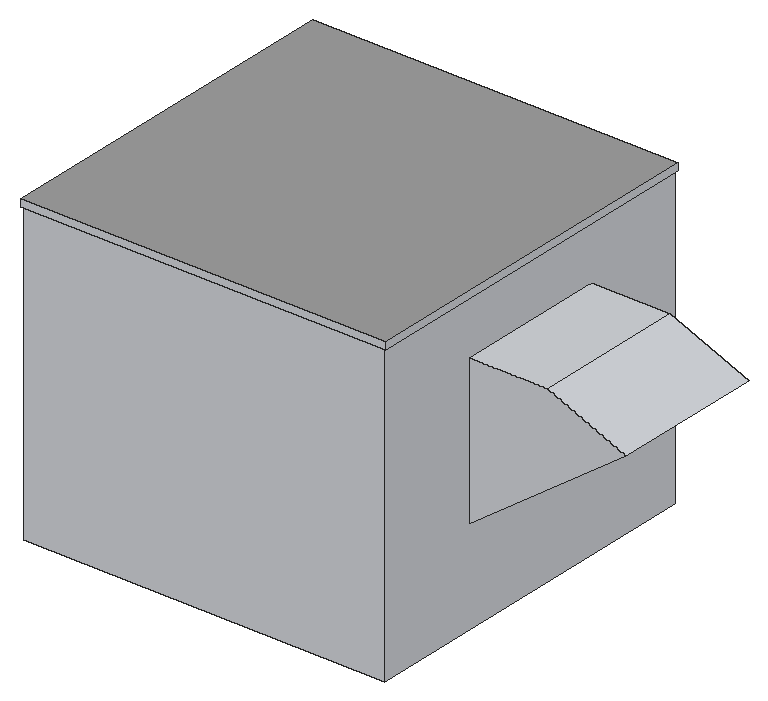
Revit family "RE-SERIES", category Generic Models, Revit 2016
Family settings
  Part Type = Normal
  Can host rebar = No
  Round Connector Dimension = Use Diameter
  Work Plane-Based = No
  Always vertical = Yes
  Cut with Voids When Loaded = No
  Shared = No
  Room Calculation Point = No
Parameters (values of type "RE18")
  URL = "http://www.reversomatic.com/product/fa-series/"
  U2 = 60.194°
  U = 146.736°
  Submittals = "http://www.reversomatic.com/wp-content/uploads/2015/01/re-serie-1.pdf"
  Model = "RE18"
  Manufacturer = "REVERSOMATIC"
  J = 8.50"
  O = B * 0.2  # 6.75"
  G = B - 0.75"  # 33.00"
  CC = C / 2  # 8.69"
  DD = D - 5.00"  # 35.00"
  D = 40.00"
  C = 17.38"
  BBB = -BB  # -8.4375"
  BB = B * 0.25  # 8.4375"
  B = 33.75"
  A = 40.38"
Types (7): name | URL | U2 | U | Model | J | O | G | CC | DD | D | C | BBB | BB | B | A
  (no name) | "http://www.reversomatic.com/product/fa-series/" | 60.194° | 146.736° | "RE18" | 8.50" | 6.75" | 33.00" | 8.69" | 35.00" | 40.00" | 17.38" | -8.4375" | 8.4375" | 33.75" | 40.38"
  RE12 | "http://www.reversomatic.com/product/fa-series/" | 52.3856° | 154.545° | "RE12" | 6.50" | 4.924" | 23.87" | 6.56" | 27.00" | 32.00" | 13.12" | -6.155" | 6.155" | 24.62" | 32.38"
  RE7 | "http://www.reversomatic.com/product/re-series/" | 60.00° | 140.00° | "RE7" | 2.50" | 3.324" | 15.87" | 4.50" | 15.00" | 20.00" | 9.00" | -4.155" | 4.155" | 16.62" | 20.38"
  RE9 | "http://www.reversomatic.com/product/fa-series/" | 60.194° | 146.736° | "RE9" | 9.47" | 3.876" | 18.63" | 5.31" | 19.00" | 24.00" | 10.62" | -4.845" | 4.845" | 19.38" | 24.38"
  RE15 | "http://www.reversomatic.com/product/fa-series/" | 60.194° | 146.736° | "RE15" | 8.50" | 5.676" | 27.63" | 7.44" | 31.00" | 36.00" | 14.88" | -7.095" | 7.095" | 28.38" | 36.38"
  RE10 | "http://www.reversomatic.com/product/fa-series/" | 60.194° | 146.736° | "RE10" | 7.06" | 4.276" | 20.63" | 5.69" | 23.00" | 28.00" | 11.38" | -5.345" | 5.345" | 21.38" | 28.38"
  RE18 | "http://www.reversomatic.com/product/fa-series/" | 60.194° | 146.736° | "RE18" | 8.50" | 6.75" | 33.00" | 8.69" | 35.00" | 40.00" | 17.38" | -8.4375" | 8.4375" | 33.75" | 40.38"
Reference planes (in)
  plane 1 "Center (Front/Back)": y = 0
  plane 2: z = 0
  plane 3 "Center (Left/Right)": x = 0
  plane 4: x = -20.19
  plane 5: x = 20.19
  plane 6: y = -20.19
  plane 7: y = 20.19
  plane 8: x = -20
  plane 9: x = 20
  plane 10: y = -17.5
  plane 11: y = 17.5
  plane 12: x = -17.5
  plane 13: x = 17.5
  plane 14: y = -20
  plane 15: y = 20
  plane 16: z = 33.75
Forms (in)
  Extrusion 1, solid
    sketch origin (0, 0, 0) x (1, 0, 0) y (0, 1, 0)
      loop
        line (-20, 20) -> (-20, -20) -> (20, -20) -> (20, 20) -> (-20, 20)
    from 0 to 33.75 <- "B"
  Extrusion 2, solid
    sketch origin (0, 0, 0) x (1, 0, 0) y (0, 1, 0)
      loop
        line (-20.19, 20.19) -> (-20.19, -20.19) -> (20.19, -20.19) -> (20.19, 20.19) -> (-20.19, 20.19)
    from 33.75 <- "B" to 33 <- "G"
  Extrusion 3, void
    sketch origin (0, 0, 0) x (1, 0, 0) y (0, 1, 0)
      loop
        line (-17.5, 17.5) -> (-17.5, -17.5) -> (17.5, -17.5) -> (17.5, 17.5) -> (-17.5, 17.5)
    from 0 to 0.25
  Extrusion 4, solid
    sketch origin (-1.96901, 0, 0) x (1, 0, 0) y (0, 0, 1)
      loop
        line (21.96901, 27) -> (21.96901, 10.57151) -> (39.34901, 23.38275) -> (30.65901, 27) -> (21.96901, 27)
    from -8.4375 <- "BBB" to 8.4375 <- "BB"
Cuts and joins
  Extrusion 3 cuts Extrusion 1
  Extrusion 3 cuts Extrusion 2
  joined: Extrusion 1, Extrusion 2, Extrusion 4
Lines and regions (in)
  model lines
    curve 1: line (-20.19, 20.19, 33.75) -> (20.19, -20.19, 33.75)
    curve 2: line (20.19, 20.19, 33.75) -> (-20.19, -20.19, 33.75)
Dimensions and locks (in)
  equal spacing: plane 7, plane 1 "Center (Front/Back)", plane 6
  "A": plane 7 to plane 6
  "A": plane 4 to plane 5
  equal spacing: plane 4, plane 3 "Center (Left/Right)", plane 5
  equal spacing: plane 8, plane 3 "Center (Left/Right)", plane 9
  "D": plane 8 to plane 9
  equal spacing: plane 10, plane 1 "Center (Front/Back)", plane 11
  "DD": plane 10 to plane 11
  equal spacing: plane 12, plane 3 "Center (Left/Right)", plane 13
  equal spacing: plane 14, plane 1 "Center (Front/Back)", plane 15
  "DD": plane 12 to plane 13
  "D": plane 14 to plane 15
  plane 8 to plane 12 = 2.50"
  plane 11 to plane 15 = 2.50"
  "B": plane 16 to plane 2
  "O": plane 16 to Extrusion 4 sketch curve
  "C": plane 9 to Extrusion 4 sketch curve
  plane 16 to Extrusion 4 sketch curve = 10.36725"
  "CC": Extrusion 4 sketch curve to Extrusion 4 sketch curve
  "B": cut or joined group of Extrusion 1, Extrusion 2, Extrusion 3, Extrusion 4 to cut or joined group of Extrusion 1, Extrusion 2, Extrusion 3, Extrusion 4
  "D": cut or joined group of Extrusion 1, Extrusion 2, Extrusion 3, Extrusion 4 to cut or joined group of Extrusion 1, Extrusion 2, Extrusion 3, Extrusion 4  (x2)
  "A": cut or joined group of Extrusion 1, Extrusion 2, Extrusion 3, Extrusion 4 to cut or joined group of Extrusion 1, Extrusion 2, Extrusion 3, Extrusion 4
  cut or joined group of Extrusion 1, Extrusion 2, Extrusion 3, Extrusion 4 to cut or joined group of Extrusion 1, Extrusion 2, Extrusion 3, Extrusion 4 = 17.38"
  angle Extrusion 4 sketch curve to Extrusion 4 sketch curve = 58.9946°
  aligned and locked: plane 2 to level
  aligned and locked: Extrusion 1 sketch curve to plane 15
  aligned and locked: Extrusion 1 sketch curve to plane 14
  aligned and locked: Extrusion 1 sketch curve to plane 8
  aligned and locked: Extrusion 1 sketch curve to plane 9
  aligned and locked: Extrusion 2 sketch curve to plane 7
  aligned and locked: plane 4 to Extrusion 2 sketch curve
  aligned and locked: Extrusion 2 sketch curve to plane 5
  aligned and locked: plane 6 to Extrusion 2 sketch curve
  aligned and locked: Extrusion 3 sketch curve to plane 11
  aligned and locked: Extrusion 3 sketch curve to plane 12
  aligned and locked: Extrusion 3 sketch curve to plane 10
  aligned and locked: Extrusion 3 sketch curve to plane 13
  aligned and locked: Extrusion 4 to Extrusion 1
Automatic sketch dimensions
  Extrusion 1 to curve 2 = 0.19"  (x4)
  Extrusion 1 to curve 1 = 0.19"  (x4)
  plane 9 to Extrusion 4 sketch curve = 0.00"
  Extrusion 4 sketch curve to Extrusion 4 sketch curve = 3.61725"
